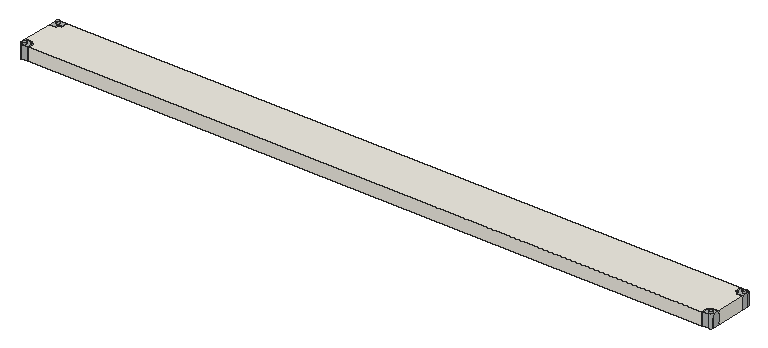
Revit family "HIGHTECH", category Осветительные приборы, Revit 2019 (continued)
Types (32, lengths in mm): name | Файл фотометрической сетки | built-in parameter 1150105 | Lumens | built-in parameter 1150106 | built-in parameter 1150142 | Wattage | Emit from Rectangle Width | Emit from Rectangle Length | Длина | Ширина | ADSK_Ток | ADSK_Полная мощность | ADSK_Обозначение | ADSK_Номинальная мощность | ADSK_Наименование | ADSK_Масса | ADSK_Код изделия
    8 0.098 0.000 0.000 0.000 0.000 \r\n1417.637 1417.044 1413.295 1407.474 1398.890 1388.135 1374.815 1358.437 1340.184 1319.661 1296.869 1271.808 1244.971 1216.258 1185.673 1153.507 1120.158 1085.131 \r\n1048.823 1011.329 973.046 933.284 893.127 851.884 810.741 768.314 725.888 683.165 639.752 596.240 552.728 509.019 465.902 422.686 379.371 337.044 295.505 254.757 215.388 176.909 \r\n138.232 103.698 70.942 40.157 12.136 0.592 0.592 0.592 0.493 0.493 0.493 0.493 0.493 0.493 0.493 0.395 0.395 0.395 0.395 0.395 0.395 0.395 0.395 0.296 0.296 0.296 0.296 0.296 0.296 0.296 0.296 0.197 \r\n0.197 0.197 0.197 0.197 0.197 0.197 0.197 0.098 0.098 0.098 0.098 0.098 0.098 0.098 0.098 0.000 0.000 0.000 0.000 \r\n1417.637 1416.946 1413.197 1407.376 1398.693 1387.839 1374.520 1358.042 1339.789 1319.168 1296.376 1271.315 1244.477 1215.765 1185.179 1152.915 1119.566 1084.539 \r\n1048.230 1010.638 972.356 932.594 892.436 851.194 810.050 767.623 725.197 682.474 639.160 595.649 552.038 508.427 465.310 422.094 378.878 336.550 295.111 254.362 214.895 176.514 \r\n137.935 103.403 70.744 39.960 11.939 0.592 0.592 0.592 0.493 0.493 0.493 0.493 0.493 0.493 0.493 0.395 0.395 0.395 0.395 0.395 0.395 0.395 0.395 0.296 0.296 0.296 0.296 0.296 0.296 0.296 0.296 0.197 \r\n0.197 0.197 0.197 0.197 0.197 0.197 0.197 0.098 0.098 0.098 0.098 0.098 0.098 0.098 0.098 0.000 0.000 0.000 0.000 \r\n1417.637 1416.946 1413.098 1407.178 1398.495 1387.544 1374.223 1357.747 1339.395 1318.773 1295.882 1270.822 1243.886 1215.174 1184.587 1152.323 1118.974 1083.848 \r\n1047.540 1009.947 971.665 931.903 891.746 850.503 809.359 766.933 724.507 681.784 638.470 594.958 551.445 507.836 464.718 421.502 378.287 336.057 294.617 253.967 214.500 176.119 \r\n137.640 103.106 70.447 39.762 11.741 0.592 0.592 0.592 0.493 0.493 0.493 0.493 0.493 0.493 0.493 0.395 0.395 0.395 0.395 0.395 0.395 0.395 0.395 0.296 0.296 0.296 0.296 0.296 0.296 0.296 0.296 0.197 \r\n0.197 0.197 0.197 0.197 0.197 0.197 0.197 0.098 0.098 0.098 0.098 0.098 0.098 0.098 0.098 0.000 0.000 0.000 0.000 \r\n1417.637 1416.848 1412.999 1407.079 1398.298 1387.247 1373.829 1357.352 1339.000 1318.378 1295.488 1270.327 1243.392 1214.680 1183.995 1151.731 1118.283 1083.257 \r\n1046.849 1009.257 970.975 931.113 891.055 849.813 808.668 766.242 723.914 681.093 637.779 594.266 550.755 507.145 464.126 421.009 377.793 335.564 294.222 253.474 214.105 175.823 \r\n137.343 102.810 70.250 39.467 11.445 0.592 0.592 0.592 0.493 0.493 0.493 0.493 0.493 0.493 0.493 0.395 0.395 0.395 0.395 0.395 0.395 0.395 0.395 0.296 0.296 0.296 0.296 0.296 0.296 0.296 0.296 0.197 \r\n0.197 0.197 0.197 0.197 0.197 0.197 0.197 0.098 0.098 0.098 0.098 0.098 0.098 0.098 0.098 0.000 0.000 0.000 0.000 \r\n1417.637 1416.848 1412.901 1406.882 1398.002 1387.051 1373.533 1356.957 1338.605 1317.983 1294.994 1269.834 1242.899 1214.089 1183.403 1151.041 1117.692 1082.665 \r\n1046.257 1008.566 970.284 930.423 890.266 849.121 807.978 765.552 723.224 680.403 637.187 593.675 550.163 506.553 463.534 420.416 377.300 335.071 293.729 253.079 213.712 175.429 \r\n136.949 102.515 69.954 39.269 11.248 0.592 0.592 0.592 0.493 0.493 0.493 0.493 0.493 0.493 0.493 0.395 0.395 0.395 0.395 0.395 0.395 0.395 0.395 0.296 0.296 0.296 0.296 0.296 0.296 0.296 0.296 0.197 \r\n0.197 0.197 0.197 0.197 0.197 0.197 0.197 0.098 0.098 0.098 0.098 0.098 0.098 0.098 0.098 0.000 0.000 0.000 0.000 \r\n1417.637 1416.749 1412.802 1406.684 1397.805 1386.754 1373.237 1356.661 1338.210 1317.589 1294.599 1269.341 1242.406 1213.496 1182.811 1150.448 1117.099 1081.974 \r\n1045.566 1007.974 969.593 929.732 889.575 848.333 807.287 764.861 722.533 679.712 636.496 592.985 549.472 505.960 462.942 419.825 376.707 334.577 293.236 252.684 213.317 175.034 \r\n136.652 102.218 69.659 39.072 11.051 0.592 0.592 0.592 0.493 0.493 0.493 0.493 0.493 0.493 0.493 0.395 0.395 0.395 0.395 0.395 0.395 0.395 0.395 0.296 0.296 0.296 0.296 0.296 0.296 0.296 0.296 0.197 \r\n0.197 0.197 0.197 0.197 0.197 0.197 0.197 0.098 0.098 0.098 0.098 0.098 0.098 0.098 0.098 0.000 0.000 0.000 0.000 \r\n1417.637 1416.749 1412.704 1406.586 1397.607 1386.458 1372.941 1356.266 1337.815 1317.095 1294.106 1268.848 1241.813 1213.003 1182.219 1149.856 1116.409 1081.382 \r\n1044.876 1007.283 968.902 929.042 888.885 847.642 806.597 764.170 721.843 679.120 635.806 592.293 548.881 505.368 462.351 419.332 376.214 334.084 292.841 252.191 212.922 174.738 \r\n136.357 101.922 69.461 38.776 10.853 0.592 0.592 0.592 0.493 0.493 0.493 0.493 0.493 0.493 0.493 0.395 0.395 0.395 0.395 0.395 0.395 0.395 0.395 0.296 0.296 0.296 0.296 0.296 0.296 0.296 0.296 0.197 \r\n0.197 0.197 0.197 0.197 0.197 0.197 0.197 0.098 0.098 0.098 0.098 0.098 0.098 0.098 0.098 0.000 0.000 0.000 0.000 \r\n1417.637 1416.650 1412.604 1406.389 1397.311 1386.162 1372.546 1355.871 1337.421 1316.701 1293.613 1268.355 1241.320 1212.411 1181.627 1149.265 1115.816 1080.691 \r\n1044.284 1006.593 968.212 928.351 888.194 846.951 805.906 763.479 721.151 678.429 635.213 591.702 548.190 504.777 461.758 418.740 375.721 333.591 292.348 251.796 212.527 174.343 \r\n135.962 101.627 69.165 38.579 10.557 0.592 0.592 0.592 0.493 0.493 0.493 0.493 0.493 0.493 0.493 0.395 0.395 0.395 0.395 0.395 0.395 0.395 0.395 0.296 0.296 0.296 0.296 0.296 0.296 0.296 0.296 0.197 \r\n0.197 0.197 0.197 0.197 0.197 0.197 0.197 0.098 0.098 0.098 0.098 0.098 0.098 0.098 0.098 0.000 0.000 0.000 0.000 \r\n1417.637 1416.650 1412.506 1406.191 1397.114 1385.866 1372.250 1355.576 1337.027 1316.307 1293.218 1267.861 1240.827 1211.918 1181.035 1148.672 1115.225 1080.099 \r\n1043.593 1005.902 967.620 927.660 887.503 846.260 805.215 762.789 720.461 677.739 634.523 591.011 547.598 504.086 461.166 418.247 375.129 333.098 291.855 251.401 212.132 173.948 \r\n135.666 101.429 68.968 38.381 10.360 0.592 0.592 0.592 0.493 0.493 0.493 0.493 0.493 0.493 0.493 0.493 0.395 0.395 0.395 0.395 0.395 0.395 0.395 0.296 0.296 0.296 0.296 0.296 0.296 0.296 0.296 0.197 \r\n0.197 0.197 0.197 0.197 0.197 0.197 0.197 0.098 0.098 0.098 0.098 0.098 0.098 0.098 0.098 0.000 0.000 0.000 0.000 \r\n1417.637 1416.650 1412.407 1406.093 1396.917 1385.669 1371.954 1355.181 1336.632 1315.912 1292.725 1267.368 1240.334 1211.325 1180.443 1147.982 1114.633 1079.409 \r\n1042.903 1005.212 966.929 926.969 886.812 845.569 804.524 762.098 719.770 677.048 633.832 590.320 546.907 503.494 460.574 417.654 374.636 332.603 291.460 250.908 211.738 173.653 \r\n135.371 101.133 68.671 38.086 10.163 0.592 0.592 0.592 0.493 0.493 0.493 0.493 0.493 0.493 0.493 0.493 0.395 0.395 0.395 0.395 0.395 0.395 0.395 0.296 0.296 0.296 0.296 0.296 0.296 0.296 0.296 0.197 \r\n0.197 0.197 0.197 0.197 0.197 0.197 0.197 0.098 0.098 0.098 0.098 0.098 0.098 0.098 0.098 0.000 0.000 0.000 0.000 \r\n1417.637 1416.551 1412.309 1405.895 1396.621 1385.373 1371.559 1354.786 1336.237 1315.419 1292.232 1266.875 1239.742 1210.733 1179.851 1147.390 1113.942 1078.816 \r\n1042.310 1004.521 966.238 926.279 886.121 844.879 803.834 761.408 719.080 676.357 633.240 589.728 546.315 502.902 459.982 417.062 374.043 332.110 290.967 250.513 211.343 173.258 \r\n135.074 100.837 68.376 37.888 9.965 0.592 0.592 0.592 0.493 0.493 0.493 0.493 0.493 0.493 0.493 0.493 0.395 0.395 0.395 0.395 0.395 0.395 0.395 0.296 0.296 0.296 0.296 0.296 0.296 0.296 0.296 0.197 \r\n0.197 0.197 0.197 0.197 0.197 0.197 0.197 0.098 0.098 0.098 0.098 0.098 0.098 0.098 0.098 0.000 0.000 0.000 0.000 \r\n1417.637 1416.551 1412.111 1405.796 1396.423 1385.077 1371.264 1354.391 1335.842 1315.024 1291.837 1266.382 1239.248 1210.240 1179.259 1146.798 1113.350 1078.126 \r\n1041.620 1003.831 965.548 925.588 885.431 844.090 803.143 760.717 718.389 675.666 632.549 589.038 545.723 502.310 459.390 416.569 373.550 331.617 290.474 250.119 210.948 172.863 \r\n134.679 100.541 68.178 37.591 9.669 0.592 0.592 0.592 0.493 0.493 0.493 0.493 0.493 0.493 0.493 0.493 0.395 0.395 0.395 0.395 0.395 0.395 0.395 0.296 0.296 0.296 0.296 0.296 0.296 0.296 0.296 0.197 \r\n0.197 0.197 0.197 0.197 0.197 0.197 0.197 0.098 0.098 0.098 0.098 0.098 0.098 0.098 0.098 0.000 0.000 0.000 0.000 \r\n1417.637 1416.453 1412.013 1405.600 1396.226 1384.781 1370.968 1354.095 1335.448 1314.629 1291.344 1265.888 1238.754 1209.648 1178.667 1146.206 1112.758 1077.534 \r\n1040.929 1003.140 964.857 924.898 884.740 843.400 802.453 760.026 717.698 674.976 631.859 588.446 545.032 501.718 458.798 415.977 373.057 331.124 290.079 249.625 210.553 172.567 \r\n134.383 100.245 67.883 37.394 9.472 0.592 0.592 0.592 0.493 0.493 0.493 0.493 0.493 0.493 0.493 0.493 0.395 0.395 0.395 0.395 0.395 0.395 0.395 0.296 0.296 0.296 0.296 0.296 0.296 0.296 0.296 0.197 \r\n0.197 0.197 0.197 0.197 0.197 0.197 0.197 0.098 0.098 0.098 0.098 0.098 0.098 0.098 0.098 0.000 0.000 0.000 0.000 \r\n1417.637 1416.453 1411.914 1405.402 1395.930 1384.583 1370.671 1353.701 1335.053 1314.234 1290.850 1265.395 1238.261 1209.155 1178.075 1145.515 1112.067 1076.844 \r\n1040.239 1002.548 964.167 924.207 883.951 842.708 801.762 759.336 717.008 674.383 631.267 587.755 544.441 501.126 458.206 415.385 372.465 330.631 289.585 249.231 210.160 172.172 \r\n134.088 99.949 67.685 37.198 9.275 0.592 0.592 0.592 0.493 0.493 0.493 0.493 0.493 0.493 0.493 0.493 0.395 0.395 0.395 0.395 0.395 0.395 0.395 0.296 0.296 0.296 0.296 0.296 0.296 0.296 0.296 0.197 \r\n0.197 0.197 0.197 0.197 0.197 0.197 0.197 0.098 0.098 0.098 0.098 0.098 0.098 0.098 0.098 0.000 0.000 0.000 0.000 \r\n1417.637 1416.354 1411.816 1405.303 1395.733 1384.288 1370.276 1353.307 1334.658 1313.741 1290.456 1264.901 1237.669 1208.563 1177.582 1144.923 1111.476 1076.252 \r\n1039.646 1001.857 963.476 923.417 883.260 842.018 801.072 758.644 716.317 673.693 630.576 587.064 543.749 500.435 457.614 414.891 371.972 330.137 289.191 248.836 209.765 171.778 \r\n133.693 99.653 67.389 36.901 9.077 0.592 0.592 0.592 0.493 0.493 0.493 0.493 0.493 0.493 0.493 0.493 0.395 0.395 0.395 0.395 0.395 0.395 0.395 0.296 0.296 0.296 0.296 0.296 0.296 0.296 0.296 0.197 \r\n0.197 0.197 0.197 0.197 0.197 0.197 0.197 0.098 0.098 0.098 0.098 0.098 0.098 0.098 0.098 0.000 0.000 0.000 0.000 \r\n" | 25.582 W | 255 | 1155 | 1195 | 295 | 0.179584 A | 41.3043 VA | "Hightech-38/opal-sand 295х1195 (IP40, 4000К, белый)" | 38 W | "Универсальный светодиодный светильник Hightech-38/opal-sand 295х1195 (IP40, 4000К, белый)" | 2.5 | "ЦБ000007589"
